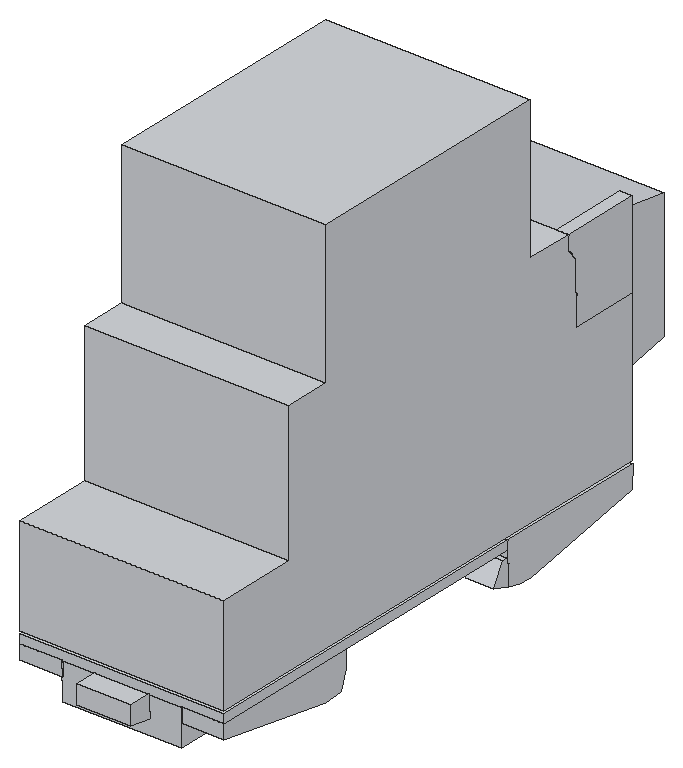
Revit family "Gira_201400", category Electrical Fixtures, host Face, Revit 2017
Family settings
  Host = Face
  Maintain Annotation Orientation = No
  Round Connector Dimension = Use Diameter
  Part Type = Normal
  Cut with Voids When Loaded = No
  Shared = No
  Room Calculation Point = No
Parameters (values of type "USB data I/F DRA KNX DRA")
  With label area = yes
  URL = "https://www.gira.de/"
  Type Comments = ""
  Transparent = no
  Surface protection = "Sonstige (*de-DE)"
  Surface finishing = "Not applicable"
  Radio frequent bidirectional = no
  Model = "USB"
  Material quality = "Thermoplastic"
  Material = "plastic"
  Manufacturer = "Gira"
  Keynote = ""
  HeinzeBIM = "https://www.heinze.de/bim/usb-data-i-f-dra-knx-dra/04f23a842058d81640a22a3f83dca06389e7449b"
  HAN = "201400"
  GTIN = "4010337072928"
  Description = ""
  Default Elevation = 1219.2 mm
  Cost = 0
  Colour = "Sonstige (*de-DE)"
  Bus connection included = yes
  BIMSITE_PRODUCT_ID = "04f23a842058d81640a22a3f83dca06389e7449b"
  BIM = "https://media.live.bim.site/t/eyJhbGciOiJIUzI1NiIsInR5cCI6IkpXVCJ9.eyJjdCI6MSwidGYiOiJwdWJsaWMvZ2lyYS8wOWY1ZGI1L0dpcmEgWDEgUkVHIEtOWC5yZmEiLCJjaWQiOiJmZWQ5OGU5YS0xYmQ4LTRjNjgtYTczYi03NGE5NGUzMTU4MjMiLCJyaWQiOiI1NDIyOTQ3YjQwNDI0YmQ4ZDU0ZmQ0MGQ2OTBjNDIyNiIsInBpZCI6IjA0ZjIzYTg0MjA1OGQ4MTY0MGEyMmEzZjgzZGNhMDYzODllNzQ0OWIiLCJzaWQiOiI2MzQ3MCIsInV0Ijo1LCJsYyI6ImVuIiwiaWF0IjoxNjA3NDMxODMzLCJpc3MiOiJodHRwczovL2FwaS5saXZlLmJpbS5zaXRlIiwic3ViIjoiOGQzYWE1Y2ItZTA2Ni00NTk4LWJlMTYtNmUxNmVlNzQ5NTZhIn0.KAGcflp1za1ci8gK7_2r__AjV553Hm42LHkP5PXVpmU/Gira X1 REG KNX.rfa"
  Assembly Code = ""
Reference planes
  plane 1 "Center (Front/Back)": y = 0
  plane 2: z = 0
  plane 3 "Center (Left/Right)": x = 0
Forms (mm)
  Extrusion 1, solid, detail levels fine
    sketch origin (0, -0.2, 0) x (0, 1, 0) y (0, 0, 1)
      loop
        line (22.65, 43.82) -> (22.65, 68.77) -> (-22.25, 68.77) -> (-22.25, 43.82) -> (-30.4, 43.82) -> (-30.4, 19.42) -> (-44.8, 19.42) -> (-44.8, 1.97) -> (45.192, 1.97) -> (45.192, 28.47) -> (32.925, 28.47) -> (32.831, 39.259) -> (31.225, 41.242) -> (31.225, 43.82) -> (22.65, 43.82)
    from -17.95 to 17.95
  Extrusion 2, solid, detail levels fine
    sketch origin (0, -0.2, 0) x (0, 1, 0) y (0, 0, 1)
      loop
        line (45.192, 43.82) -> (31.225, 43.82) -> (31.225, 41.242) -> (32.831, 39.259) -> (32.925, 28.47) -> (45.192, 28.47) -> (45.192, 43.82)
    from -17.95 to -15.8
  Extrusion 3, solid, detail levels fine
    sketch origin (0, -0.2, 0) x (0, 1, 0) y (0, 0, -1)
      loop
        line (45.192, -43.82) -> (45.192, -28.47) -> (32.925, -28.47) -> (32.831, -39.259) -> (31.225, -41.242) -> (31.225, -43.82) -> (45.192, -43.82)
    from -17.95 to -15.8
  Extrusion 4, solid, detail levels fine
    sketch origin (0, -0.2, 0) x (0, 1, 0) y (0, 0, 1)
      loop
        line (31.5, 42.848) -> (31.5, 40.412)
        arc (31.5, 40.412) -> (38.359, 39.512) -> (45.192, 38.435) r 267
        line (45.192, 38.435) -> (45.192, 14.255)
        arc (45.192, 14.255) -> (50.205, 15.189) -> (55.2, 16.219) r 264.9
        line (55.2, 16.219) -> (55.2, 38.933)
        arc (55.2, 38.933) -> (43.394, 41.159) -> (31.5, 42.848) r 265
    from -15.506 to 15.5
  Extrusion 5, solid, detail levels fine
    sketch origin (0, -0.2, 0) x (0, 1, 0) y (0, 0, 1)
      loop
        line (45.2, 1.5) -> (17.774, 1.5) -> (17.905, -6.017)
        arc (17.905, -6.017) -> (20.285, -6.454) -> (22.7, -6.6) r 20
        arc (22.7, -6.6) -> (33.985, -5.009) -> (45.128, -2.618) r 160
        line (45.128, -2.618) -> (45.2, 1.5)
    from -17.95 to 18
  Extrusion 6, solid, detail levels fine
    sketch origin (0, -0.2, 0) x (0, 1, 0) y (0, 0, 1)
      loop
        line (17.905, -6.017) -> (17.824, -1.4) -> (16.8, -1.4) -> (14.749, -4.952)
        arc (14.749, -4.952) -> (16.305, -5.55) -> (17.905, -6.017) r 20
    from -17.95 to -13
  Extrusion 7, solid, detail levels fine
    sketch origin (0, -0.2, 0) x (0, 1, 0) y (0, 0, -1)
      loop
        arc (17.905, 6.017) -> (16.305, 5.55) -> (14.749, 4.952) r 20
        line (14.749, 4.952) -> (16.8, 1.4) -> (17.824, 1.4) -> (17.905, 6.017)
    from -17.95 to -13
  Extrusion 8, solid, detail levels fine
    sketch origin (0, -0.2, 0) x (0, 1, 0) y (0, 0, 1)
      loop
        line (17.8, 0) -> (17.774, 1.5) -> (-44.8, 1.5) -> (-44.774, 0) -> (17.8, 0)
    from -17.95 to 17.95
  Extrusion 9, solid, detail levels fine
    sketch origin (0, 0, 0) x (0, 1, 0) y (0, 0, 1)
      loop
        line (-48.916, -3.317) -> (-44.906, -3.881) -> (-44.974, 0) -> (-48.916, 0) -> (-48.916, -3.317)
    from -4.803 to 4.797
  Extrusion 10, solid, detail levels fine
    sketch origin (0, 0, 0) x (0, 1, 0) y (0, 0, 1)
      loop
        arc (-22.5, -6.6) -> (-20.811, -6.529) -> (-19.134, -6.315) r 20
        line (-19.134, -6.315) -> (-18.029, -3.279) -> (-18, 0) -> (-44.974, 0) -> (-44.928, -2.618)
        arc (-44.928, -2.618) -> (-33.785, -5.009) -> (-22.5, -6.6) r 160
    from -17.95 to -10.5
  Extrusion 11, solid, detail levels fine
    sketch origin (0, 0, 0) x (0, 1, 0) y (0, 0, -1)
      loop
        arc (-22.5, 6.6) -> (-33.785, 5.009) -> (-44.928, 2.618) r 160
        line (-44.928, 2.618) -> (-44.974, 0) -> (-18, 0) -> (-18.029, 3.279) -> (-19.134, 6.315)
        arc (-19.134, 6.315) -> (-20.811, 6.529) -> (-22.5, 6.6) r 20
    from -17.95 to -10.5
  Extrusion 12, solid, detail levels fine
    sketch origin (0, 0, 0) x (0, 1, 0) y (0, 0, 1)
      loop
        line (-30.708, -6.6) -> (-30.65, 0) -> (-44.974, 0) -> (-44.859, -6.6) -> (-30.708, -6.6)
    from -10.5 to 10.5
  Extrusion 13, solid, detail levels fine
    sketch origin (0, 0, 0) x (1, 0, 0) y (0, 1, 0)
      loop
        circle (-0.003, -20.023) r 1
    from -7.682 to 0
  Extrusion 14, solid, detail levels fine
    sketch origin (0, 0, 0) x (0, 1, 0) y (0, 0, 1)
      loop
        line (-17.523, -0.8) -> (-17.523, 0) -> (-30.65, 0) -> (-30.684, -3.9) -> (-27.106, -3.9) -> (-27.106, -5.6) -> (-19.623, -6.6) -> (-18.03, -6.6) -> (-15.023, -2.682) -> (-15.023, -1.517) -> (-17.523, -0.8)
    from -4.503 to 4.5
  Extrusion 15, solid, detail levels fine
    sketch origin (0, 0, 0) x (1, 0, 0) y (0, 1, 0)
      loop
        line (16.859, 43.848) -> (-16.859, 43.848) -> (-16.859, -43.859) -> (16.859, -43.859) -> (16.859, 43.848)
    from 1.5 to 4
  Extrusion 16, solid, detail levels medium
    sketch origin (0, 0, 0) x (0, 1, 0) y (0, 0, 1)
      loop
        line (22.45, 68.77) -> (-22.45, 68.77) -> (-22.45, 43.82) -> (-30.6, 43.82) -> (-30.6, 19.42) -> (-45, 19.42) -> (-45, 0) -> (-48.916, 0) -> (-48.916, -6.6) -> (-15.023, -6.6) -> (-15.023, 0) -> (14.549, 0) -> (14.549, -6.6) -> (44.992, -6.6) -> (44.992, 14.255)
        arc (44.992, 14.255) -> (50.005, 15.189) -> (55, 16.219) r 264.9
        line (55, 16.219) -> (55, 38.933)
        arc (55, 38.933) -> (50.005, 39.943) -> (44.992, 40.856) r 265
        line (44.992, 40.856) -> (44.992, 43.82) -> (22.45, 43.82) -> (22.45, 68.77)
    from -17.95 to 17.95
  Extrusion 17, solid, detail levels coarse
    sketch origin (0, 0, 0) x (1, 0, 0) y (0, 1, 0)
      loop
        line (-17.95, 55) -> (-17.95, -48.916) -> (17.95, -48.916) -> (17.95, 55) -> (-17.95, 55)
    from -7.682 to 68.77
Dimensions and locks
  aligned and locked: plane 2 to host face
  aligned and locked: level to host face
Connectors
  electrical at (0, -13.687, 0)
    settings: on Extrusion 8, index 1, voltage 24 V, apparent load 0 VA, apparent load phase1 0 VA, apparent load phase2 0 VA, apparent load phase3 0 VA, power factor 1, load classification "Other", number of poles 1, system type 30, power factor state 1, is connector primary yes, connector utility no, sub classification motor no, connector description ""
